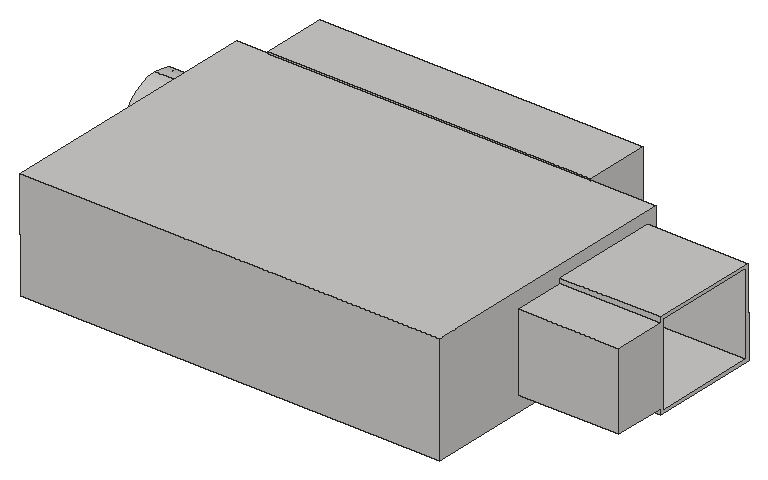
Revit family
Parameters
  Width = 2' - 2"
  Voltage = 277 V
  Unit Weight = "146.0 lbs"
  URL = "http://www.titus-hvac.com/"
  UL = "181"
  Supply Air Flow [instance] = 0 CFM
  Primary Air Pressure Drop [instance] = 0.00 in-wg
  Primary Air Flow [instance] = 0 CFM
  Plenum Air Pressure Drop [instance] = 0.00 in-wg
  Plenum Air Flow [instance] = 0 CFM
  Outlet Width = 0' - 10 1/2"
  Outlet Vertical Offset = 0' - 2 1/4"
  Outlet Horizontal Offset = 0' - 1 1/16"
  Outlet Height = 0' - 8 3/8"
  Number of Poles = 1
  Nominal Width = Width + 0' 6 1/4"  # 2' - 8 1/4"
  Nominal Length = Length + 0' 3 3/8" + 0' 9 3/4"  # 4' - 5 3/8"
  Nominal Inlet Size = 0' - 8"
  Nominal Height = 0' - 10 5/8"  # constant formula
  NFPA = "90A"
  Motor Full Load Amps [instance] = 1.8 A
  Model = "DFLS"
  Min. Air Flow = 0 CFM
  Max. Air Flow = 900 CFM
  Material = Steel
  Manufacturer = "Titus"
  Lynergy Controlled Heater = no
  Length = 3' - 4 1/4"
  Juction Box Offset = 0' - 3"
  Inlet Diameter = Nominal Inlet Size - 0' 0 1/8"  # 0' - 7 7/8"
  Induced Air Inlet Vertical Offset = 0' - 0 5/8"
  Induced Air Inlet Horizontal Offset = 0' - 0 7/8"
  Induced Air Inlet Width = 1' - 2 5/8"
  Induced Air Inlet Height = 0' - 8 3/4"
  Induced Air Filter = no
  Height = 0' - 10 1/2"
  Heating Total Capacity [instance] = 0 Btu/h
  Half Outlet Connection Width = Outlet Width / 2  # 0' - 5 1/4"
  Half Outlet Connection Height = Outlet Height / 2  # 0' - 4 3/16"
  Half Height Start = -(Height / 2)  # -0' - 5 1/4"
  Half Height End = Height / 2  # 0' - 5 1/4"
  HP-Motor = "1/4"
  Fuse Block = no
  Frequency = 60 Hz
  Foil Face Liner = Choose Liner Option = 1  # no
  Fiber Free Liner = Choose Liner Option = 2  # no
  Electric Heat Power [instance] = 0 VA
  Duct Radius = Nominal Inlet Size / 2  # 0' - 4"
  Disconnect Switch = no
  Description = "Series Fan Powered Terminal Unit, Direct Digital Control, Pressure Independent, Low Profile"
  Connection Void Radius = Connection Radius - 0' 0 1/4"  # 0' - 3 11/16"
  Connection Radius = Inlet Diameter / 2  # 0' - 3 15/16"
  Choose Liner Option = 0
  CADworks URL = "www.CADworks.net"
  Assembly Code = "D3040100"
  Apparent Power [instance] = Electric Heat Power + Motor Full Load Amps * Voltage  # 498.6 VA
  Air Inlet Offset = 0' - 5 5/8"
  1/2" Fiberglass Liner = Choose Liner Option = 0  # yes
Reference planes (in)
  plane 1 "Center (Front/Back)": y = 0
  plane 2: z = 0
  plane 3 "Center (Left/Right)": x = 3
  plane 4: x = -17.125
  plane 5: x = 23.125
  plane 6: x = -14.125
  plane 7: x = -20.5
  plane 8 "Center (Elevation)": z = 0
  plane 9: y = -13
  plane 10: y = 13
  plane 11: y = 7.375
  plane 12: y = -12.125
  plane 13: z = 5.25
  plane 14: z = -5.25
  plane 15: x = -11.125
  plane 16: y = 19.25
  plane 17: x = 32.875
Forms (in)
  Extrusion 1, solid, material "Steel" <- "Material"
    sketch origin (0, 0, 0) x (1, 0, 0) y (0, 1, 0)
      loop
        line (-17.125, 13) -> (-17.125, -13) -> (23.125, -13) -> (23.125, 13) -> (-17.125, 13)
    from -5.25 <- "Half Height Start" to 5.25 <- "Half Height End"
  Extrusion 2, solid, material "Steel" <- "Material"
    sketch origin (4.5, 0, -4.25) x (1, 0, 0) y (0, 1, 0)
      loop
        line (-18.625, 13) -> (12.375, 13) -> (12.375, 19.25) -> (-18.625, 19.25) -> (-18.625, 13)
    from 0 to 9.625
  Extrusion 3, solid, material "Steel" <- "Material"
    sketch origin (-24.875, -5.125, 0) x (0, 0, -1) y (0, 1, 0)
      loop
        circle (0, 12.5) r 3.9375
    from 4.375 to 7.75
  Extrusion 4, void
    sketch origin (-24.875, 0, 0) x (0, 1, 0) y (0, 0, 1)
      loop
        circle (7.375, 0) r 3.6875
    from 4.375 to 13.75
  Extrusion 5, void
    sketch origin (-17.125, -13, 0) x (0, -1, 0) y (0, 0, -1)
      loop
        line (-15.5, -4.125) -> (-0.875, -4.125) -> (-0.875, 4.625) -> (-15.5, 4.625) -> (-15.5, -4.125)
    from 0 to 6
  Extrusion 6, solid, material "Steel" <- "Material"
    sketch origin (23.125, 42.625, 0) x (0, -1, 0) y (0, 0, -1)
      loop
        line (46.25, -3.6875) -> (46.25, 3.6875) -> (41.25, 3.6875) -> (41.25, 4.1875) -> (30.75, 4.1875) -> (30.75, -4.1875) -> (41.25, -4.1875) -> (41.25, -3.6875) -> (46.25, -3.6875)
      loop
        line (41, -3.9375) -> (41, 3.9375) -> (31, 3.9375) -> (31, -3.9375) -> (41, -3.9375)
    from 0 to 9.75
Cuts and joins
  Extrusion 4, Extrusion 5 cuts Extrusion 1
  Extrusion 4 cuts Extrusion 3
Dimensions and locks (in)
  "Length": plane 5 to plane 4
  equal spacing: plane 5, plane 3 "Center (Left/Right)", plane 4, locked at 20.125 each
  locked: Extrusion 2 to Extrusion 2 at 31
  "Juction Box Offset": plane 6 to plane 4
  locked: plane 4 to plane 7 at 3.375
  "Width": plane 9 to plane 10
  equal spacing: plane 9, plane 1 "Center (Front/Back)", plane 10, locked at 13 each
  locked: Extrusion 2 to Extrusion 2 at 6.25
  locked: cut or joined group of Extrusion 3, Extrusion 4 to plane 11 at 0
  locked: Extrusion 4 sketch curve to plane 11 at 0  (x2)
  "Air Inlet Offset": plane 10 to plane 11
  locked: cut or joined group of Extrusion 3, Extrusion 4 to cut or joined group of Extrusion 3, Extrusion 4 at 3.375
  "Induced Air Inlet Horizontal Offset": plane 9 to plane 12
  "Induced Air Inlet Width": Extrusion 5 sketch curve to Extrusion 5 sketch curve
  "Induced Air Inlet Height": Extrusion 5 sketch curve to Extrusion 5 sketch curve
  "Induced Air Inlet Horizontal Offset": Extrusion 5 sketch curve to plane 9
  locked: Extrusion 6 sketch curve to Extrusion 6 sketch curve at 5  (x2)
  locked: Extrusion 3 sketch curve to level at 0
  locked: Extrusion 3 sketch curve to plane 11 at 0
  locked: Extrusion 4 sketch curve to level at 0
  "Induced Air Inlet Vertical Offset": cut or joined group of Extrusion 1, Extrusion 4, Extrusion 5 to Extrusion 5 sketch curve
  locked: plane 5 to plane 17 at 9.75
  equal spacing: plane 13, level, plane 14, locked at 5.25 each
  locked: Extrusion 2 to Extrusion 2 at 9.625
  locked: plane 14 to Extrusion 2 at 1
  Extrusion 6 sketch curve to Extrusion 6 sketch curve = 0' - 7 3/8"
  equal spacing: Extrusion 6 sketch curve, level, Extrusion 6 sketch curve, locked at 3.6875 each
  locked: Extrusion 6 sketch curve to Extrusion 6 sketch curve at 0.5  (x2)
  "Outlet Width": Extrusion 6 sketch curve to Extrusion 6 sketch curve
  locked: Extrusion 6 sketch curve to plane 10 at 1.125
  "Outlet Height": Extrusion 6 sketch curve to Extrusion 6 sketch curve
  equal spacing: Extrusion 6 sketch curve, level, Extrusion 6 sketch curve, locked at 4.1875 each
  locked: Extrusion 6 sketch curve to Extrusion 6 sketch curve at 0.25  (x4)
  "Connection Radius": radius of Extrusion 3 sketch curve
  "Connection Void Radius": radius of Extrusion 4 sketch curve
  aligned and locked: plane 13 to cut or joined group of Extrusion 1, Extrusion 4, Extrusion 5
  aligned and locked: plane 14 to cut or joined group of Extrusion 1, Extrusion 4, Extrusion 5
  aligned and locked: plane 15 to Extrusion 5
  aligned and locked: Extrusion 5 to Extrusion 4
  aligned and locked: plane 16 to Extrusion 2
  aligned and locked: plane 10 to cut or joined group of Extrusion 1, Extrusion 4, Extrusion 5
  aligned and locked: plane 4 to cut or joined group of Extrusion 1, Extrusion 4, Extrusion 5  (x3)
  aligned and locked: plane 5 to cut or joined group of Extrusion 1, Extrusion 4, Extrusion 5
  aligned and locked: plane 9 to cut or joined group of Extrusion 1, Extrusion 4, Extrusion 5
  aligned and locked: plane 12 to cut or joined group of Extrusion 1, Extrusion 4, Extrusion 5
  aligned and locked: plane 15 to cut or joined group of Extrusion 1, Extrusion 4, Extrusion 5  (x2)
  aligned and locked: plane 7 to cut or joined group of Extrusion 3, Extrusion 4  (x2)
  aligned and locked: plane 4 to cut or joined group of Extrusion 3, Extrusion 4
  aligned and locked: plane 6 to Extrusion 2
  aligned and locked: plane 10 to Extrusion 2
  aligned and locked: plane 5 to Extrusion 6
  aligned and locked: plane 17 to Extrusion 6
Automatic sketch dimensions
  Extrusion 1 sketch curve to plane 4 = 0' - 0"
  Extrusion 1 sketch curve to plane 5 = 0' - 0"
  Extrusion 1 sketch curve to plane 9 = 0' - 0"
  Extrusion 1 sketch curve to plane 10 = 0' - 0"
  Extrusion 2 sketch curve to plane 6 = 0' - 0"
  Extrusion 2 sketch curve to plane 10 = 0' - 0"
  Extrusion 2 sketch curve to plane 5 = 0' - 6 1/4"
  Extrusion 2 sketch curve to Extrusion 2 sketch curve = 0' - 6 1/4"
  Extrusion 6 sketch curve to Extrusion 6 sketch curve = 0' - 0 1/4"  (x2)
Connectors (in)
  electrical at (1.375, 19.25, 0.5625), driven by "Apparent Power", driven by "Voltage", driven by "Number of Poles"
    settings: on Extrusion 2, index 8
  hvac at (-20.5, 7.375, 0), driven by "Primary Air Flow", driven by "Duct Radius", driven by "Primary Air Pressure Drop"
    settings: on cut or joined group of Extrusion 3, Extrusion 4, index 9
  hvac at (-17.125, -4.8125, -0.25), driven by "Plenum Air Flow", driven by "Induced Air Inlet Height", driven by "Induced Air Inlet Width", driven by "Plenum Air Pressure Drop"
    settings: on cut or joined group of Extrusion 1, Extrusion 4, Extrusion 5, index 10
  hvac at (32.875, 6.625, 0), driven by "Supply Air Flow", driven by "Outlet Height", driven by "Outlet Width"
    settings: on Extrusion 6, index 13
